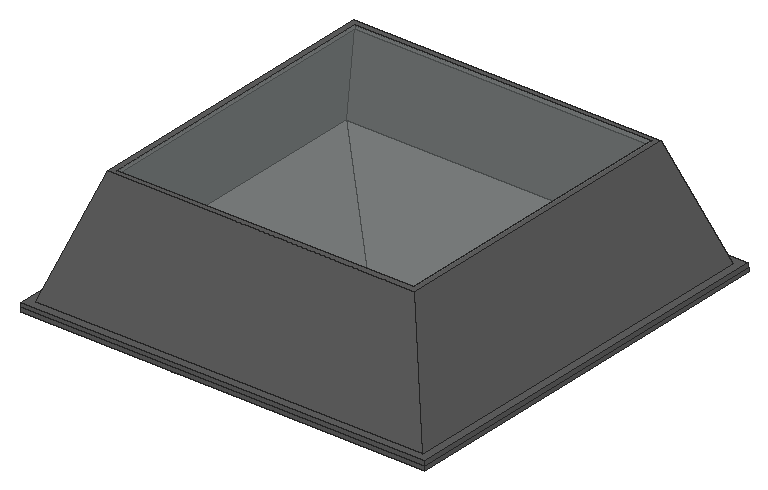
Revit family "Endura", category Lighting Fixtures, host Face, Revit 2021
Family settings
  Host = Face
  Round Connector Dimension = Use Diameter
  Part Type = Normal
  OmniClass Number = 23.80.70.11
  OmniClass Title = Luminaries for Internal Lighting
  Cut with Voids When Loaded = No
  Light Source = No
  Shared = No
  Room Calculation Point = No
Parameters (values of type "EDR-BBT")
  Voltage = 120 V
  Wattage Comments = ""
  URL = "https://www.currentlighting.com/beacon"
  Product Page URL = ""
  Product Documentation Link = ""
  Photometric Web = 2x2 : 24NB-2X2-55W
  Nominal Watts = 110 W
  Model = "EDR"  # constant formula
  Manufacturer = "Beacon Products"  # constant formula
  Lamp = "LED Lamp"
  Glass = White Glass
  Description = "The Endura LED Parking Garage luminaire offers a precise optical distribution, called ‘’Drive Lane Optics’’, that minimizes glare to the driver while lighting the spaces between the cars."  # constant formula
  Default Elevation = 48"
  Backbox = Black Textured
  Apparent Load = 0 VA
Types (13): name | Photometric Web | Backbox
  (no name) | 2x2 : 24NB-2X2-55W | Black Textured
  EDR-BBT | 2x2 : 24NB-2X2-55W | Black Textured
  EDR-BMT | 2x2 : 24NB-2X2-55W | Black Matte Textured
  EDR-WHT | 5x5 : 24NB-55W-5X5 | White
  EDR-BZT | 2x2 : 24NB-2X2-55W | Bronze Textured
  EDR-MBT | 2x2 : 24NB-2X2-55W | Mettalic Bronze Textured
  EDR-DBT | T5W : 60E-AMB-79W-T5 | Dark  Bronze Textured
  EDR-GYS | 2x2 : 24NB-2X2-55W | Grey smooth
  EDR-DPS | 2x2 : 24NB-2X2-55W | Dark Platinum Smooth
  EDR-GNT | T5W : 36E-AMB-48W-T5 | Green Textured
  EDR-MST | 2x2 : 24NB-2X2-55W | Mettallic Silver Textured
  EDR-MTT | 2x2 : 24NB-2X2-55W | Metallic titanium textured
  EDR-OWI | 2x2 : 24NB-2X2-55W | Old World Iron
Reference planes (in)
  plane 1 "Center (Front/Back)": y = 0.03999
  plane 2: z = 0
  plane 3 "Center (Left/Right)": x = 1.66944
  plane 4: x = -4.33056
  plane 5: x = 7.66944
  plane 6: z = 5.5
  plane 7: z = 2
  plane 8: x = -2.74188
  plane 9: x = -0.33056
  plane 10: y = 7.03999
  plane 11: y = -6.96001
  plane 12: y = 5.03999
  plane 13: y = -4.96001
  plane 14: x = 6.16944
  plane 15: y = 6.03999
  plane 16: y = -5.96001
  plane 17: x = 3.66944
  plane 18: through (2.15445, -180, -0.989) normal (-0.4594, 0, 0.8882)
  plane 19: y = 0.16499
  plane 20: y = -0.08501
  plane 21: y = 1.53999
  plane 22: y = -1.46001
  plane 23: y = -1.21001
  plane 24: y = 1.28999
  plane 25: x = 3.16944
  plane 26: x = 0.16944
  plane 27: x = 1.79444
  plane 28: x = 1.54444
  plane 29: x = 2.91944
  plane 30: x = 0.41944
  plane 31: through (1.18444, -180, -0.989) normal (-0.4594, 0, -0.8882)
  plane 32: through (1.27719, -180, -0.89625) normal (-0.4594, 0, -0.8882)
  plane 33: through (0, -1.68014, -0.35015) normal (0, 0.4594, 0.8882)
  plane 34: through (0, 2.24578, -0.09894) normal (0, 0.4594, -0.8882)
Forms (in)
  Sweep 1, solid, material "Black Textured" <- "Backbox"
    path origin (-19.7659, -180, 2) x (-1, 0, 0) y (0, -1, 0)
      loop
        line (-15.43534, -186.03999) -> (-15.43534, -174.03999) -> (-27.43534, -174.03999) -> (-27.43534, -186.03999) -> (-15.43534, -186.03999)
    profile origin (-4.33056, 0.03999, 2) x (1, 0, 0) y (0, 0, 1)
      loop
        line (0, 0) -> (0, -0.125) -> (0.25, -0.125) -> (3.875, -2) -> (4, -2) -> (4, -1.89672) -> (3.957, -1.89672) -> (0.29001, 0) -> (0, 0)
  Extrusion 2, solid, material "Black Textured" <- "Backbox"
    sketch origin (-0.33056, 2.03999, 0) x (-1, 0, 0) y (0, 1, 0)
      loop
        line (0.043, -4.043) -> (0.043, 0.043) -> (-4.043, 0.043) -> (-4.043, -4.043) -> (0.043, -4.043)
    from 0 to -0.10328
  Sweep 3, solid, material "Black Textured" <- "Backbox"
    path in 3D
      loop
        line (-4.04055, -5.67, 2) -> (7.37944, -5.67, 2) -> (7.37944, 5.74998, 2) -> (-4.04055, 5.74998, 2) -> (-4.04055, -5.67, 2)
    profile origin (-4.04055, 0.03999, 2) x (1, 0, 0) y (0, 0, 1)
      loop
        line (-0.29001, 0) -> (0.05799, 0) -> (1.23529, 3.375) -> (1.29867, 3.375) -> (1.29867, 3.5) -> (1.14806, 3.5) -> (-0.02924, 0.125) -> (-0.29001, 0.125) -> (-0.29001, 0)
  Extrusion 4, solid, material "White Glass" <- "Glass"
    sketch origin (-2.95556, 4.66499, 5.5) x (0, -1, 0) y (1, 0, 0)
      loop
        line (0.21368, 0.21368) -> (9.03632, 0.21368) -> (9.03632, 9.03632) -> (0.21368, 9.03632) -> (0.21368, 0.21368)
    from 0 to -0.125
  Extrusion 5, solid, material "Black Textured" <- "Backbox"
    sketch origin (0, 0.03999, 0) x (1, 0, 0) y (0, 0, 1)
      loop
        line (3.79444, 0) -> (4.06652, 0) -> (7.47687, 1.76397)
        arc (7.47687, 1.76397) -> (7.56858, 1.82743) -> (7.66944, 1.875) r 0.67841
        line (7.66944, 1.875) -> (7.41944, 1.875) -> (3.79444, 0)
    from -0.125 to 0.125
  Extrusion 6, solid, material "Black Textured" <- "Backbox"
    sketch origin (0, -1.33501, 0) x (1, 0, 0) y (0, 0, 1)
      loop
        line (3.79444, 0) -> (4.06652, 0) -> (7.47687, 1.76397)
        arc (7.47687, 1.76397) -> (7.56858, 1.82743) -> (7.66944, 1.875) r 0.67841
        line (7.66944, 1.875) -> (7.41944, 1.875) -> (3.79444, 0)
    from -0.125 to 0.125
  Extrusion 7, solid, material "Black Textured" <- "Backbox"
    sketch origin (0, 1.41499, 0) x (1, 0, 0) y (0, 0, -1)
      loop
        line (3.79444, 0) -> (7.41944, -1.875) -> (7.66944, -1.875)
        arc (7.66944, -1.875) -> (7.56858, -1.82743) -> (7.47687, -1.76397) r 0.67841
        line (7.47687, -1.76397) -> (4.06652, 0) -> (3.79444, 0)
    from -0.125 to 0.125
  Extrusion 8, solid, material "Black Textured" <- "Backbox"
    sketch origin (3.33889, 0.03999, 0) x (-1, 0, 0) y (0, 0, -1)
      loop
        line (3.79444, 0) -> (7.41944, -1.875) -> (7.66944, -1.875)
        arc (7.66944, -1.875) -> (7.56858, -1.82743) -> (7.47687, -1.76397) r 0.67841
        line (7.47687, -1.76397) -> (4.06652, 0) -> (3.79444, 0)
    from -0.125 to 0.125
  Extrusion 9, solid, material "Black Textured" <- "Backbox"
    sketch origin (3.33889, -1.33501, 0) x (-1, 0, 0) y (0, 0, -1)
      loop
        line (3.79444, 0) -> (7.41944, -1.875) -> (7.66944, -1.875)
        arc (7.66944, -1.875) -> (7.56858, -1.82743) -> (7.47687, -1.76397) r 0.67841
        line (7.47687, -1.76397) -> (4.06652, 0) -> (3.79444, 0)
    from -0.125 to 0.125
  Extrusion 10, solid, material "Black Textured" <- "Backbox"
    sketch origin (3.33889, 1.41499, 0) x (-1, 0, 0) y (0, 0, 1)
      loop
        line (3.79444, 0) -> (4.06652, 0) -> (7.47687, 1.76397)
        arc (7.47687, 1.76397) -> (7.56858, 1.82743) -> (7.66944, 1.875) r 0.67841
        line (7.66944, 1.875) -> (7.41944, 1.875) -> (3.79444, 0)
    from -0.125 to 0.125
  Extrusion 11, solid, material "Black Textured" <- "Backbox"
    sketch origin (1.66944, -1.62945, 0) x (0, 1, 0) y (0, 0, 1)
      loop
        line (3.79444, 0) -> (4.06652, 0) -> (7.47687, 1.76397)
        arc (7.47687, 1.76397) -> (7.56858, 1.82743) -> (7.66944, 1.875) r 0.67841
        line (7.66944, 1.875) -> (7.41944, 1.875) -> (3.79444, 0)
    from -0.125 to 0.125
  Extrusion 12, solid, material "Black Textured" <- "Backbox"
    sketch origin (3.04444, -1.62945, 0) x (0, 1, 0) y (0, 0, 1)
      loop
        line (3.79444, 0) -> (4.06652, 0) -> (7.47687, 1.76397)
        arc (7.47687, 1.76397) -> (7.56858, 1.82743) -> (7.66944, 1.875) r 0.67841
        line (7.66944, 1.875) -> (7.41944, 1.875) -> (3.79444, 0)
    from -0.125 to 0.125
  Extrusion 13, solid, material "Black Textured" <- "Backbox"
    sketch origin (0.29444, -1.62945, 0) x (0, 1, 0) y (0, 0, -1)
      loop
        line (3.79444, 0) -> (7.41944, -1.875) -> (7.66944, -1.875)
        arc (7.66944, -1.875) -> (7.56858, -1.82743) -> (7.47687, -1.76397) r 0.67841
        line (7.47687, -1.76397) -> (4.06652, 0) -> (3.79444, 0)
    from -0.125 to 0.125
  Extrusion 14, solid, material "Black Textured" <- "Backbox"
    sketch origin (1.66944, 1.70943, 0) x (0, -1, 0) y (0, 0, -1)
      loop
        line (3.79444, 0) -> (7.41944, -1.875) -> (7.66944, -1.875)
        arc (7.66944, -1.875) -> (7.56858, -1.82743) -> (7.47687, -1.76397) r 0.67841
        line (7.47687, -1.76397) -> (4.06652, 0) -> (3.79444, 0)
    from -0.125 to 0.125
  Extrusion 15, solid, material "Black Textured" <- "Backbox"
    sketch origin (3.04444, 1.70943, 0) x (0, -1, 0) y (0, 0, -1)
      loop
        line (3.79444, 0) -> (7.41944, -1.875) -> (7.66944, -1.875)
        arc (7.66944, -1.875) -> (7.56858, -1.82743) -> (7.47687, -1.76397) r 0.67841
        line (7.47687, -1.76397) -> (4.06652, 0) -> (3.79444, 0)
    from -0.125 to 0.125
  Extrusion 16, solid, material "Black Textured" <- "Backbox"
    sketch origin (0.29444, 1.70943, 0) x (0, -1, 0) y (0, 0, 1)
      loop
        line (3.79444, 0) -> (4.06652, 0) -> (7.47687, 1.76397)
        arc (7.47687, 1.76397) -> (7.56858, 1.82743) -> (7.66944, 1.875) r 0.67841
        line (7.66944, 1.875) -> (7.41944, 1.875) -> (3.79444, 0)
    from -0.125 to 0.125
Cuts and joins
  joined: Sweep 1, Extrusion 2
Lines and regions (in)
  sketch lines
    curve 1: line (-4.04055, 5.74998, 2) -> (-4.04055, -5.67, 2)
    curve 2: line (7.37944, 5.74998, 2) -> (-4.04055, 5.74998, 2)
    curve 3: line (7.37944, -5.67, 2) -> (7.37944, 5.74998, 2)
    curve 4: line (-4.04055, -5.67, 2) -> (7.37944, -5.67, 2)
Dimensions and locks (in)
  plane 5 to plane 3 "Center (Left/Right)" to plane 4 = 6" locked, 6" locked
  plane 5 to plane 4 = 12"
  plane 4 to plane 5 = 12"
  plane 10 to plane 1 "Center (Front/Back)" to plane 11 = 7" locked, 7" locked
  plane 6 to plane 7 to host face = 3 1/2" locked, 2" locked
  plane 3 "Center (Left/Right)" to plane 9 to plane 8 to plane 4 = 2", 2.41132", 1.58868"
  plane 19 to plane 1 "Center (Front/Back)" to plane 20 = 1/8" locked, 1/8" locked
  plane 22 to plane 1 "Center (Front/Back)" to plane 21 = 1 1/2" locked, 1 1/2" locked
  plane 22 to plane 23 to plane 1 "Center (Front/Back)" = 1/4" locked, 1 1/4" locked
  plane 1 "Center (Front/Back)" to plane 24 to plane 21 = 1 1/4", 1/4"
  plane 28 to plane 3 "Center (Left/Right)" to plane 27 = 1/8" locked, 1/8" locked
  plane 26 to plane 30 to plane 3 "Center (Left/Right)" to plane 29 to plane 25 = 1/4" locked, 1 1/4" locked, 1 1/4" locked, 1/4" locked
  locked: Extrusion 9 to Extrusion 9 at 0.125
  locked: Extrusion 6 to Extrusion 6 at 0.125
  locked: Extrusion 16 to plane 33 at 0.125
  locked: plane 34 to Extrusion 13 at 0.125
  locked: host face to plane 18 (angle 27.3499°)
  locked: plane 31 to host face (angle 27.3499°)
  locked: level to plane 33 (angle 27.3499°)
  locked: plane 34 to level (angle 27.3499°)
  aligned and locked: plane 2 to host face
  aligned and locked: level to host face
  aligned and locked: Sweep 1 sketch curve to plane 4
  aligned and locked: Sweep 1 sketch curve to plane 16
  aligned and locked: Sweep 1 sketch curve to plane 5
  aligned and locked: Sweep 1 sketch curve to plane 15
  aligned and locked: plane 9 to Sweep 1 sketch curve
  aligned and locked: Extrusion 2 sketch curve to Sweep 1  (x4)
  aligned and locked: Extrusion 2 to Sweep 1
  aligned and locked: Extrusion 2 to level
  aligned and locked: plane 6 to Extrusion 4
  aligned and locked: plane 4 to Sweep 3 sketch curve
  aligned and locked: Sweep 3 sketch curve to plane 8
  aligned and locked: Sweep 3 sketch curve to plane 6
  aligned and locked: plane 8 to Extrusion 4 sketch curve
  aligned and locked: Extrusion 4 sketch curve to Sweep 3  (x3)
  aligned and locked: Sweep 3 to Extrusion 4
  aligned and locked: Extrusion 5 sketch curve to cut or joined group of Sweep 1, Extrusion 2
  aligned and locked: cut or joined group of Sweep 1, Extrusion 2 to Extrusion 5 sketch curve  (x2)
  aligned and locked: Extrusion 5 sketch curve to plane 18
  aligned and locked: plane 19 to Extrusion 5
  aligned and locked: plane 20 to Extrusion 5
  aligned and locked: Extrusion 7 to plane 24
  aligned and locked: Extrusion 7 to plane 21
  aligned and locked: Extrusion 6 to plane 23
  aligned and locked: Extrusion 6 to plane 22
  aligned and locked: Extrusion 10 to plane 24
  aligned and locked: Extrusion 10 to plane 21
  aligned and locked: Extrusion 8 to plane 20
  aligned and locked: plane 19 to Extrusion 8
  aligned and locked: Extrusion 9 to plane 23
  aligned and locked: Extrusion 9 to plane 22
  aligned and locked: Extrusion 11 to plane 27
  aligned and locked: plane 28 to Extrusion 11
  aligned and locked: plane 26 to Extrusion 13
  aligned and locked: Extrusion 13 to plane 30
  aligned and locked: Extrusion 12 to plane 29
  aligned and locked: plane 25 to Extrusion 12
  aligned and locked: plane 26 to Extrusion 16
  aligned and locked: Extrusion 16 to plane 30
  aligned and locked: plane 28 to Extrusion 14
  aligned and locked: Extrusion 14 to plane 27
  aligned and locked: Extrusion 15 to plane 29
  aligned and locked: plane 25 to Extrusion 15
  aligned and locked: Extrusion 6 to plane 18
  aligned and locked: Extrusion 5 to Extrusion 6
  aligned and locked: Extrusion 7 to plane 18
  aligned and locked: Extrusion 5 to Extrusion 7
  aligned and locked: Extrusion 9 to plane 31
  aligned and locked: Extrusion 8 to Extrusion 9
  aligned and locked: Extrusion 10 to plane 31
  aligned and locked: Extrusion 8 to Extrusion 10
  aligned and locked: plane 33 to Extrusion 16
  aligned and locked: plane 34 to Extrusion 13
  aligned and locked: Extrusion 15 to plane 33
  aligned and locked: plane 34 to Extrusion 12
  aligned and locked: plane 34 to Extrusion 11
  aligned and locked: Extrusion 14 to plane 33
  aligned and locked: Extrusion 8 to plane 31
  aligned and locked: nested 1 to plane 3 "Center (Left/Right)"
  aligned and locked: plane 1 "Center (Front/Back)" to nested 1
Nested families (in)
  nested 1: "2x2" at (1.62945, -0.19897, 5.5) x (0, -1, 0) z (0, 0, 1), type <- "Photometric Web", type "24NB-2X2-55W"
Connectors (in)
  electrical at (1.71244, -0.00301, 0), driven by "Voltage", driven by "Description"
    settings: on Sweep 1, index 1, voltage 120 V, apparent load 0 VA, apparent load phase1 0 VA, apparent load phase2 0 VA, apparent load phase3 0 VA, power factor 1, load classification "Other", number of poles 1, system type 30, power factor state 1, is connector primary yes, connector utility no, sub classification motor no, connector description "The Endura LED Parking Garage luminaire offers a precise optical distribution, called ‘’Drive Lane Optics’’, that minimizes glare to the driver while lighting the spaces between the cars."
Definition of nested family "2x2"
  Parameters
    Wattage Comments = "35-62W"
    Wattage = 55 W
    built-in parameter 1150110 = 1 (stored number, unit not read)
    URL = ""
    built-in parameter 1114217 = 1 (stored number, unit not read)
    Tilt Angle = -90.00°
    built-in parameter 1150109 = 1 (stored number, unit not read)
    built-in parameter 1150134 = 12
    built-in parameter 1150113 = 1 (stored number, unit not read)
    Product Page URL = ""
    Product Documentation Link = ""
    Photometric Web File = "48NB-2X2-110W.ies"
    Model = ""
    Manufacturer Phone = ""
    Manufacturer Fax = ""
    Manufacturer = "Beacon Lighting"  # constant formula
    built-in parameter 1150105 = 354.12 (stored number, unit not read)
    Lumens = 4450.05 lm
    built-in parameter 1150115 = 1 (stored number, unit not read)
    built-in parameter 1150137 = (empty or 0)
    built-in parameter 1150139 = (empty or 0)
    built-in parameter 1150112 = 1 (stored number, unit not read)
    built-in parameter 1150114 = 1 (stored number, unit not read)
    Lamp = ""
    built-in parameter 1150132 = (empty or 0)
    built-in parameter 1150102 = (empty or 0)
    built-in parameter 1150107 = 4000 (stored number, unit not read)
    built-in parameter 1150138 = (empty or 0)
    built-in parameter 1150106 = 3.5412 (stored number, unit not read)
    Emit from Line Length = 3"
    built-in parameter 1150104 = 7.5168 (stored number, unit not read)
    Dimming Lamp Color Temperature Shift = (empty or 0)
    Description = ""
    Default Elevation = 48"
    Color Filter = 16777215
    built-in parameter 1114218 = 1 (stored number, unit not read)
    built-in parameter 1150133 = 10 (stored number, unit not read)
  Reference planes (in)
    plane 1 "Center (Front/Back)": y = 0.03999
    plane 2: z = 0
    plane 3 "Center (Left/Right)": x = -0.23896
  Forms (in)
    Extrusion 1, solid
      sketch origin (0, 0, 0.06357) x (1, 0, 0) y (0, 1, 0)
        loop
          line (-48, 48) -> (-48, -48) -> (48, -48) -> (48, 48) -> (-48, 48)
      from -0.06357 to -13.79058
  Lines and regions (in)
    reference lines
      curve 1: line (-0.23896, 0.03999, 18.11448) -> (-0.23896, 0.03999, -22.88552)
      curve 2: line (-0.23896, 0.03999, 34) -> (-0.23896, 0.03999, -22.88552)
  Dimensions and locks (in)
    aligned and locked: plane 2 to Extrusion 1
    aligned and locked: level to Extrusion 1
    aligned and locked: Extrusion 1 to imposter light
    aligned and locked: plane 3 "Center (Left/Right)" to imposter light
    aligned and locked: imposter light to plane 1 "Center (Front/Back)"
    aligned and locked: curve 1 to plane 3 "Center (Left/Right)"
    aligned and locked: plane 1 "Center (Front/Back)" to curve 2
